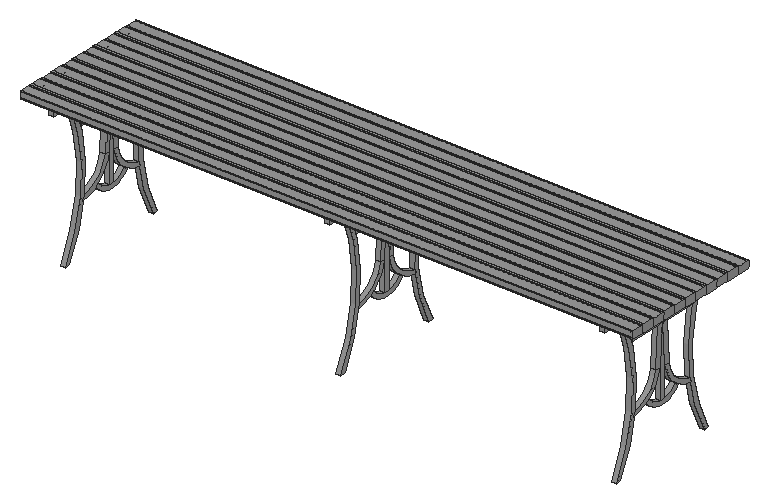
Revit family "Стол садовый «Олимп» Арт 6697", category Антураж, Revit 2018
Family settings
  На основе рабочей плоскости = Нет
  Всегда вертикально = Да
  При загрузке вырезать с полостями = Нет
  Источник визуального образа = Геометрия семейства
  Общий = Нет
  Точка расчета площади = Нет
Parameters (values of type "Модель 3,0 м")
  Ширина = 710 mm  # constant formula
  Цвет столешници = Дерево Тик
  Цвет опор = Сталь
  Описание = if([Версия 1,2 м], "Стол садовый «Олимп» модель 1,2 м", if([Версия 1,5 м], "Стол садовый «Олимп» модель 1,5 м", if([Версия 1,8 м], "Стол садовый «Олимп» модель 1,8 м", if([Версия 2,0 м], "Стол садовый «Олимп» модель 2,0 м", "Стол садовый «Олимп» модель 3,0 м"))))  # "Стол садовый «Олимп» модель 3,0 м"
  Материал изделия = "Сталь, дерево"  # constant formula
  Type Comments = ""
  Type Image = Стол садовый «Олимп» Арт 6697.png
  Изготовитель = "ООО «Хоббика»"  # constant formula
  Длина = if([Версия 1,2 м], 1200 mm, if([Версия 1,5 м], 1500 mm, if([Версия 1,8 м], 1800 mm, if([Версия 2,0 м], 2000 mm, 3000 mm))))  # 3000 mm
  Группа модели = "Садовые столы"  # constant formula
  Высота = 760 mm  # constant formula
  Версия 3,0 м = yes
  Версия 2,0 м = no
  Версия 1,8 м = no
  Версия 1,5 м = no
  Версия 1,2 м = no
  Артикул товара = "Арт. 6697"  # constant formula
  URL = "https://hobbyka.ru/product/stol_sadovyi_olimp/"
Types (6, lengths in mm): name | Описание | Длина | Версия 3,0 м | Версия 2,0 м | Версия 1,8 м | Версия 1,5 м | Версия 1,2 м
  (no name) | "Стол садовый «Олимп» модель 3,0 м" | 3000 | yes | no | no | no | no
  Модель 1,2 м | "Стол садовый «Олимп» модель 1,2 м" | 1200 | no | no | no | no | yes
  Модель 1,5 м | "Стол садовый «Олимп» модель 1,5 м" | 1500 | no | no | no | yes | no
  Модель 1,8 м | "Стол садовый «Олимп» модель 1,8 м" | 1800 | no | no | yes | no | no
  Модель 2,0 м | "Стол садовый «Олимп» модель 2,0 м" | 2000 | no | yes | no | no | no
  Модель 3,0 м | "Стол садовый «Олимп» модель 3,0 м" | 3000 | yes | no | no | no | no
Reference planes
  plane 1 "По центру (Вперед/Назад)": y = 0
  plane 2: z = 0
  plane 3 "По центру (Влево/Вправо)": x = 0
  plane 4: x = 3000
  plane 5: y = 710
  plane 6: x = 2850
  plane 7: x = 150
  plane 8: x = 1500
  plane 9: z = 760
Forms (mm)
  Extrusion 1, solid, material "Дерево Тик" <- "Цвет столешници"
    sketch origin (0, 0, 0) x (0, 1, 0) y (0, 0, 1)
      loop
        line (705, 760) -> (655, 760)
        arc (655, 760) -> (651.464, 758.536) -> (650, 755) r 5
        line (650, 755) -> (650, 727.961)
        arc (650, 727.961) -> (651.464, 724.425) -> (655, 722.961) r 5
        line (655, 722.961) -> (705, 722.961)
        arc (705, 722.961) -> (708.536, 724.425) -> (710, 727.961) r 5
        line (710, 727.961) -> (710, 755)
        arc (710, 755) -> (708.536, 758.536) -> (705, 760) r 5
      loop
        line (640, 760) -> (590, 760)
        arc (590, 760) -> (586.464, 758.536) -> (585, 755) r 5
        line (585, 755) -> (585, 727.961)
        arc (585, 727.961) -> (586.464, 724.425) -> (590, 722.961) r 5
        line (590, 722.961) -> (640, 722.961)
        arc (640, 722.961) -> (643.536, 724.425) -> (645, 727.961) r 5
        line (645, 727.961) -> (645, 755)
        arc (645, 755) -> (643.536, 758.536) -> (640, 760) r 5
      loop
        line (575, 760) -> (525, 760)
        arc (525, 760) -> (521.464, 758.536) -> (520, 755) r 5
        line (520, 755) -> (520, 727.961)
        arc (520, 727.961) -> (521.464, 724.425) -> (525, 722.961) r 5
        line (525, 722.961) -> (575, 722.961)
        arc (575, 722.961) -> (578.536, 724.425) -> (580, 727.961) r 5
        line (580, 727.961) -> (580, 755)
        arc (580, 755) -> (578.536, 758.536) -> (575, 760) r 5
      loop
        line (510, 760) -> (460, 760)
        arc (460, 760) -> (456.464, 758.536) -> (455, 755) r 5
        line (455, 755) -> (455, 727.961)
        arc (455, 727.961) -> (456.464, 724.425) -> (460, 722.961) r 5
        line (460, 722.961) -> (510, 722.961)
        arc (510, 722.961) -> (513.536, 724.425) -> (515, 727.961) r 5
        line (515, 727.961) -> (515, 755)
        arc (515, 755) -> (513.536, 758.536) -> (510, 760) r 5
      loop
        line (445, 760) -> (395, 760)
        arc (395, 760) -> (391.464, 758.536) -> (390, 755) r 5
        line (390, 755) -> (390, 727.961)
        arc (390, 727.961) -> (391.464, 724.425) -> (395, 722.961) r 5
        line (395, 722.961) -> (445, 722.961)
        arc (445, 722.961) -> (448.536, 724.425) -> (450, 727.961) r 5
        line (450, 727.961) -> (450, 755)
        arc (450, 755) -> (448.536, 758.536) -> (445, 760) r 5
      loop
        line (380, 760) -> (330, 760)
        arc (330, 760) -> (326.464, 758.536) -> (325, 755) r 5
        line (325, 755) -> (325, 727.961)
        arc (325, 727.961) -> (326.464, 724.425) -> (330, 722.961) r 5
        line (330, 722.961) -> (380, 722.961)
        arc (380, 722.961) -> (383.536, 724.425) -> (385, 727.961) r 5
        line (385, 727.961) -> (385, 755)
        arc (385, 755) -> (383.536, 758.536) -> (380, 760) r 5
      loop
        line (315, 760) -> (265, 760)
        arc (265, 760) -> (261.464, 758.536) -> (260, 755) r 5
        line (260, 755) -> (260, 727.961)
        arc (260, 727.961) -> (261.464, 724.425) -> (265, 722.961) r 5
        line (265, 722.961) -> (315, 722.961)
        arc (315, 722.961) -> (318.536, 724.425) -> (320, 727.961) r 5
        line (320, 727.961) -> (320, 755)
        arc (320, 755) -> (318.536, 758.536) -> (315, 760) r 5
      loop
        line (250, 760) -> (200, 760)
        arc (200, 760) -> (196.464, 758.536) -> (195, 755) r 5
        line (195, 755) -> (195, 727.961)
        arc (195, 727.961) -> (196.464, 724.425) -> (200, 722.961) r 5
        line (200, 722.961) -> (250, 722.961)
        arc (250, 722.961) -> (253.536, 724.425) -> (255, 727.961) r 5
        line (255, 727.961) -> (255, 755)
        arc (255, 755) -> (253.536, 758.536) -> (250, 760) r 5
      loop
        line (185, 760) -> (135, 760)
        arc (135, 760) -> (131.464, 758.536) -> (130, 755) r 5
        line (130, 755) -> (130, 727.961)
        arc (130, 727.961) -> (131.464, 724.425) -> (135, 722.961) r 5
        line (135, 722.961) -> (185, 722.961)
        arc (185, 722.961) -> (188.536, 724.425) -> (190, 727.961) r 5
        line (190, 727.961) -> (190, 755)
        arc (190, 755) -> (188.536, 758.536) -> (185, 760) r 5
      loop
        line (120, 760) -> (70, 760)
        arc (70, 760) -> (66.464, 758.536) -> (65, 755) r 5
        line (65, 755) -> (65, 727.961)
        arc (65, 727.961) -> (66.464, 724.425) -> (70, 722.961) r 5
        line (70, 722.961) -> (120, 722.961)
        arc (120, 722.961) -> (123.536, 724.425) -> (125, 727.961) r 5
        line (125, 727.961) -> (125, 755)
        arc (125, 755) -> (123.536, 758.536) -> (120, 760) r 5
      loop
        line (55, 760) -> (5, 760)
        arc (5, 760) -> (1.464, 758.536) -> (0, 755) r 5
        line (0, 755) -> (0, 727.961)
        arc (0, 727.961) -> (1.464, 724.425) -> (5, 722.961) r 5
        line (5, 722.961) -> (55, 722.961)
        arc (55, 722.961) -> (58.536, 724.425) -> (60, 727.961) r 5
        line (60, 727.961) -> (60, 755)
        arc (60, 755) -> (58.536, 758.536) -> (55, 760) r 5
    from 0 to 3000
Dimensions and locks
  "Ширина": plane 5 to plane 1 "По центру (Вперед/Назад)"
  "Длина": plane 3 "По центру (Влево/Вправо)" to plane 4
  equal spacing: plane 3 "По центру (Влево/Вправо)", plane 8, plane 4
  locked: plane 3 "По центру (Влево/Вправо)" to plane 7 at 150
  locked: plane 6 to plane 4 at 150
  "Высота": plane 9 to plane 2
  aligned and locked: level to plane 2
  aligned and locked: plane 1 "По центру (Вперед/Назад)" to nested 1
  aligned and locked: plane 1 "По центру (Вперед/Назад)" to nested 2
  aligned and locked: plane 1 "По центру (Вперед/Назад)" to nested 3
  aligned and locked: plane 7 to nested 1
  aligned and locked: plane 6 to nested 3
  aligned and locked: plane 8 to nested 2
  aligned and locked: Extrusion 1 to plane 3 "По центру (Влево/Вправо)"
  aligned and locked: plane 4 to Extrusion 1
Automatic sketch dimensions
  Extrusion 1 sketch curve to plane 1 "По центру (Вперед/Назад)" = 0 mm
  Extrusion 1 sketch curve to plane 9 = 0 mm  (x11)
  Extrusion 1 sketch curve to plane 5 = 0 mm
  Extrusion 1 sketch curve to Extrusion 1 sketch curve = 5 mm  (x36)
  Extrusion 1 sketch curve to plane 9 = 5 mm  (x16)
  Extrusion 1 sketch curve to Extrusion 1 sketch curve = 50 mm  (x10)
  Extrusion 1 sketch curve to plane 5 = 5 mm  (x2)
  Extrusion 1 sketch curve to Extrusion 1 sketch curve = 27.039 mm  (x5)
  Extrusion 1 sketch curve to Extrusion 1 sketch curve = 0 mm  (x6)
Nested families
  nested 1: "Стол садобый Олим опора" at (150, 0, 0), type "Стол садобый Олим опора"
  nested 2: "Стол садобый Олим опора" at (1500, 0, 0), visible <- "Версия 3,0 м", type "Стол садобый Олим опора"
  nested 3: "Стол садобый Олим опора" at (2850, 0, 0), type "Стол садобый Олим опора"
Definition of nested family "Стол садобый Олим опора"
  Parameters (values of type "Стол садобый Олим опора")
    Цвет опоры = none
    Height = 0 mm
  Reference planes
    plane 1 "По центру (Вперед/Назад)": y = 0
    plane 2: z = 0
    plane 3 "По центру (Влево/Вправо)": x = 0
    plane 4: y = 710
    plane 5: x = 12.5
    plane 6: x = -12.5
  Forms (mm)
    Extrusion 1, solid, material <- "Цвет опоры"
      sketch origin (0, 0, 0) x (0, 1, 0) y (0, 0, 1)
        loop
          line (705, 722.961) -> (5, 722.961) -> (5, 702.977) -> (705, 702.977) -> (705, 722.961)
      from -12.5 to 12.5
    Extrusion 2, solid, material <- "Цвет опоры"
      sketch origin (0, 0, 0) x (0, 1, 0) y (0, 0, 1)
        loop
          line (605, 702.977) -> (583.128, 702.977)
          arc (583.128, 702.977) -> (518.052, 353.003) -> (613.265, 10) r 789.803
          line (613.265, 10) -> (636.119, 10)
          arc (636.119, 10) -> (538.081, 352.785) -> (605, 702.977) r 769.803
        loop
          arc (105, 702.977) -> (171.919, 352.785) -> (73.881, 10) r 769.803
          line (73.881, 10) -> (96.735, 10)
          arc (96.735, 10) -> (191.948, 353.003) -> (126.872, 702.977) r 789.803
          line (126.872, 702.977) -> (105, 702.977)
      from -12.5 to 12.5
    Extrusion 3, solid, material <- "Цвет опоры"
      sketch origin (0, 0, 0) x (0, 1, 0) y (0, 0, 1)
        loop
          line (550.229, 612.977) -> (159.771, 612.977)
          arc (159.771, 612.977) -> (162.676, 602.996) -> (165.449, 592.977) r 789.803
          line (165.449, 592.977) -> (544.551, 592.977)
          arc (544.551, 592.977) -> (547.324, 602.996) -> (550.229, 612.977) r 789.803
        loop
          line (392.019, 400.297) -> (371.71, 400.297)
          arc (371.71, 400.297) -> (425.216, 301.124) -> (528.348, 255.714) r 173.553
          arc (528.348, 255.714) -> (526.693, 265.912) -> (525.171, 276.131) r 789.803
          arc (525.171, 276.131) -> (438.208, 316.352) -> (392.019, 400.297) r 153.553
        loop
          arc (317.981, 400.297) -> (271.792, 316.352) -> (184.829, 276.131) r 153.553
          arc (184.829, 276.131) -> (183.307, 265.912) -> (181.652, 255.714) r 789.803
          arc (181.652, 255.714) -> (284.784, 301.124) -> (338.29, 400.297) r 173.553
          line (338.29, 400.297) -> (317.981, 400.297)
      from -12.5 to 12.5
    Extrusion 4, solid, material <- "Цвет опоры"
      sketch origin (0, 0, 0) x (0, 1, 0) y (0, 0, 1)
        loop
          line (380, 592.977) -> (359.961, 592.977) -> (371.98, 400.297) -> (392.019, 400.297) -> (380, 592.977)
        loop
          arc (435.93, 292.01) -> (355, 253.369) -> (274.07, 292.01) r 104.07
          arc (274.07, 292.01) -> (266.001, 286.059) -> (257.601, 280.584) r 173.553
          arc (257.601, 280.584) -> (355, 233.369) -> (452.399, 280.584) r 124.07
          arc (452.399, 280.584) -> (443.999, 286.059) -> (435.93, 292.01) r 173.553
        loop
          line (330, 592.977) -> (317.981, 400.297) -> (338.02, 400.297) -> (350.039, 592.977) -> (330, 592.977)
      from -12.5 to 12.5
    Extrusion 5, solid, material <- "Цвет опоры"
      sketch origin (0, 0, 0) x (0, 1, 0) y (0, 0, 1)
        loop
          line (350.039, 592.977) -> (345, 512.198) -> (345, 253.85)
          arc (345, 253.85) -> (355, 253.369) -> (365, 253.85) r 104.07
          line (365, 253.85) -> (365, 512.198) -> (359.961, 592.977) -> (350.039, 592.977)
      from -12.5 to 12.5
    Extrusion 6, solid, material <- "Цвет опоры"
      sketch origin (0, 0, 0) x (0, 1, 0) y (0, 0, 1)
        loop
          circle (400, 657.977) r 45
        loop
          circle (400, 657.977) r 40
      from -12.5 to 12.5
    Extrusion 7, solid, material <- "Цвет опоры"
      sketch origin (0, 90, 0) x (0, 1, 0) y (0, 0, 1)
        loop
          circle (400, 657.977) r 45
        loop
          circle (400, 657.977) r 40
      from -12.5 to 12.5
    Extrusion 8, solid, material <- "Цвет опоры"
      sketch origin (0, -180, 0) x (0, 1, 0) y (0, 0, 1)
        loop
          circle (400, 657.977) r 45
        loop
          circle (400, 657.977) r 40
      from -12.5 to 12.5
    Extrusion 9, solid, material <- "Цвет опоры"
      sketch origin (0, -90, 0) x (0, 1, 0) y (0, 0, 1)
        loop
          circle (400, 657.977) r 45
        loop
          circle (400, 657.977) r 40
      from -12.5 to 12.5
  Dimensions and locks
    plane 4 to plane 1 "По центру (Вперед/Назад)" = 710 mm
    aligned and locked: level to plane 2
